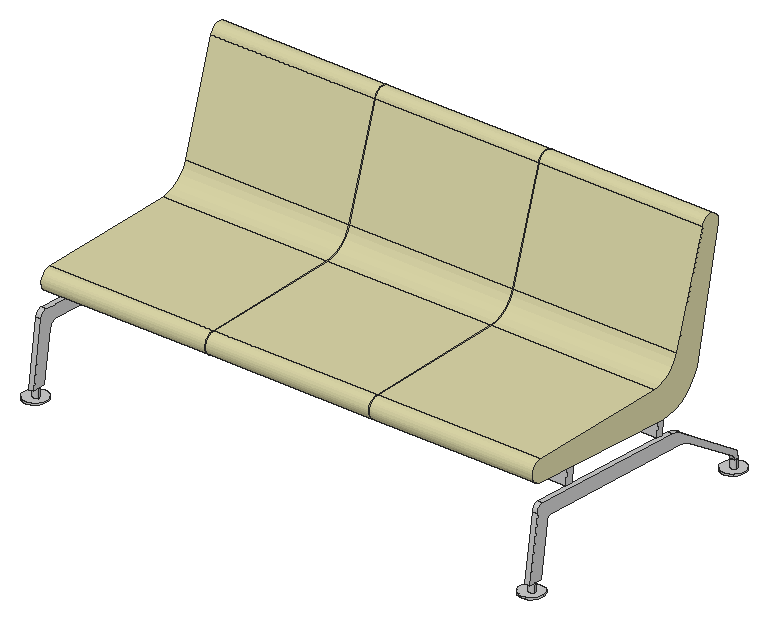
Revit family
Parameters (values of type "1800x700x800 mm")
  Assembly Code = ""
  Manufacturer = ""
  Model = ""
  지지 재료 = 직물 - 녹색(48)
  다리 재료 = 검은색 플라스틱
  손잡이 재료 = 직물 - 녹색(48)
  쿠션 재료 = 직물 - 녹색(48)
Reference planes
  plane 1: z = 0
  plane 2: x = -900
  plane 3: y = -350
  plane 4: z = 800
  plane 5: z = 530
  plane 6: x = -720
  plane 7: x = -310
  plane 8: y = -270
  plane 9: x = -210
  plane 10: x = 2180
Forms (mm)
  Extrusion 1, solid, material "Sofa- Material -1"
    sketch origin (1598.462, 0, 0) x (0, 1, 0) y (0, 0, 1)
      loop
        arc (383.692, 776.224) -> (357.977, 817.378) -> (316.823, 791.662) r 34.314
        line (316.823, 791.662) -> (207.357, 454.762)
        arc (207.357, 454.762) -> (171.415, 404.49) -> (113.093, 384.055) r 102.396
        line (113.093, 384.055) -> (-371.907, 384.055)
        arc (-371.907, 384.055) -> (-409.264, 351.582) -> (-376.79, 314.226) r 35
        line (-376.79, 314.226) -> (146.014, 277.668)
        arc (146.014, 277.668) -> (234.931, 302.431) -> (291.201, 375.597) r 145.92
        line (291.201, 375.597) -> (383.692, 776.224)
    from 21.538 to 581.538
  Extrusion 2, solid, material "Metal"
    sketch origin (1597.616, 0, 0) x (0, 1, 0) y (0, 0, 1)
      loop
        line (-442.018, 31.981) -> (-396.389, 31.981) -> (-370.874, 193.077)
        arc (-370.874, 193.077) -> (-361.94, 208.551) -> (-344.946, 214.073) r 24.931
        line (-344.946, 214.073) -> (199.085, 181.591)
        arc (199.085, 181.591) -> (217.338, 179.165) -> (234.359, 172.14) r 71.223
        line (234.359, 172.14) -> (426.342, 50.539)
        arc (426.342, 50.539) -> (428.803, 48.568) -> (430.774, 46.107) r 14.31
        line (430.774, 46.107) -> (435.332, 33.583) -> (445.332, 33.583) -> (442.34, 54.873)
        arc (442.34, 54.873) -> (440.933, 58.444) -> (438.058, 60.988) r 8.222
        line (438.058, 60.988) -> (204.326, 217.188)
        arc (204.326, 217.188) -> (188.267, 225.033) -> (170.7, 228.321) r 66.542
        line (170.7, 228.321) -> (-386.41, 261.583)
        arc (-386.41, 261.583) -> (-402.577, 254.887) -> (-409.274, 238.72) r 22.863
        line (-409.274, 238.72) -> (-442.018, 31.981)
    from 5.521 to 22.384
  Extrusion 3, solid, material "Metal"
    sketch origin (1598.462, 0, 0) x (0, 1, 0) y (0, 0, 1)
      loop
        line (-263.762, 306.322) -> (-267.888, 254.794) -> (-239.746, 252.827) -> (-236.666, 304.427) -> (-263.762, 306.322)
    from 4.674 to 1701.538
  Extrusion 4, solid, material "Metal"
    sketch origin (1598.462, 388.742, -29.109) x (0, 1, 0) y (0, 0, 1)
      loop
        line (-263.762, 306.322) -> (-267.46, 260.141) -> (-243.956, 258.498) -> (-241.195, 304.744) -> (-263.762, 306.322)
    from 4.674 to 1701.538
  Extrusion 5, solid, material "Metal"
    sketch origin (-5.278, 0, 0) x (1, 0, 0) y (0, 1, 0)
      loop
        circle (1615.315, -421.651) r 40
    from 0 to 5.114
  Extrusion 6, solid, material "Metal"
    sketch origin (-5.681, 0.625, 0) x (1, 0, 0) y (0, 1, 0)
      loop
        circle (1617.031, -422.208) r 10
    from 0 to 31.981
  Extrusion 7, solid, material "Metal"
    sketch origin (-5.278, 862.311, 0) x (1, 0, 0) y (0, 1, 0)
      loop
        circle (1615.315, -421.651) r 40
    from 0 to 5.114
  Extrusion 8, solid, material "Metal"
    sketch origin (-5.681, 862.936, 0) x (1, 0, 0) y (0, 1, 0)
      loop
        circle (1617.031, -422.208) r 10
    from 0 to 31.981
  Extrusion 9, solid, material "Metal", not visible
    sketch origin (1597.616, 0, 0) x (0, 1, 0) y (0, 0, 1)
      loop
        line (-442.018, 31.981) -> (-396.389, 31.981) -> (-370.874, 193.077)
        arc (-370.874, 193.077) -> (-361.94, 208.551) -> (-344.946, 214.073) r 24.931
        line (-344.946, 214.073) -> (199.085, 181.591)
        arc (199.085, 181.591) -> (217.338, 179.165) -> (234.359, 172.14) r 71.223
        line (234.359, 172.14) -> (426.342, 50.539)
        arc (426.342, 50.539) -> (428.803, 48.568) -> (430.774, 46.107) r 14.31
        line (430.774, 46.107) -> (435.332, 33.583) -> (445.332, 33.583) -> (442.34, 54.873)
        arc (442.34, 54.873) -> (440.933, 58.444) -> (438.058, 60.988) r 8.222
        line (438.058, 60.988) -> (204.326, 217.188)
        arc (204.326, 217.188) -> (188.267, 225.033) -> (170.7, 228.321) r 66.542
        line (170.7, 228.321) -> (-386.41, 261.583)
        arc (-386.41, 261.583) -> (-402.577, 254.887) -> (-409.274, 238.72) r 22.863
        line (-409.274, 238.72) -> (-442.018, 31.981)
    from 5.521 to 22.384
  Extrusion 10, solid, material "Metal", not visible
    sketch origin (-5.278, 0, 0) x (1, 0, 0) y (0, 1, 0)
      loop
        circle (1615.315, -421.651) r 40
    from 0 to 5.114
  Extrusion 11, solid, material "Metal", not visible
    sketch origin (-5.681, 0.625, 0) x (1, 0, 0) y (0, 1, 0)
      loop
        circle (1617.031, -422.208) r 10
    from 0 to 31.981
  Extrusion 12, solid, material "Metal", not visible
    sketch origin (-5.278, 862.311, 0) x (1, 0, 0) y (0, 1, 0)
      loop
        circle (1615.315, -421.651) r 40
    from 0 to 5.114
  Extrusion 13, solid, material "Metal", not visible
    sketch origin (-5.681, 862.936, 0) x (1, 0, 0) y (0, 1, 0)
      loop
        circle (1617.031, -422.208) r 10
    from 0 to 31.981
  Extrusion 14, solid, material "Metal"
    sketch origin (3294.479, 0, 0) x (0, 1, 0) y (0, 0, 1)
      loop
        line (-442.018, 31.981) -> (-396.389, 31.981) -> (-370.874, 193.077)
        arc (-370.874, 193.077) -> (-361.94, 208.551) -> (-344.946, 214.073) r 24.931
        line (-344.946, 214.073) -> (199.085, 181.591)
        arc (199.085, 181.591) -> (217.338, 179.165) -> (234.359, 172.14) r 71.223
        line (234.359, 172.14) -> (426.342, 50.539)
        arc (426.342, 50.539) -> (428.803, 48.568) -> (430.774, 46.107) r 14.31
        line (430.774, 46.107) -> (435.332, 33.583) -> (445.332, 33.583) -> (442.34, 54.873)
        arc (442.34, 54.873) -> (440.933, 58.444) -> (438.058, 60.988) r 8.222
        line (438.058, 60.988) -> (204.326, 217.188)
        arc (204.326, 217.188) -> (188.267, 225.033) -> (170.7, 228.321) r 66.542
        line (170.7, 228.321) -> (-386.41, 261.583)
        arc (-386.41, 261.583) -> (-402.577, 254.887) -> (-409.274, 238.72) r 22.863
        line (-409.274, 238.72) -> (-442.018, 31.981)
    from 5.521 to 22.384
  Extrusion 15, solid, material "Metal"
    sketch origin (1691.586, 0, 0) x (1, 0, 0) y (0, 1, 0)
      loop
        circle (1615.315, -421.651) r 40
    from 0 to 5.114
  Extrusion 16, solid, material "Metal"
    sketch origin (1691.182, 0.625, 0) x (1, 0, 0) y (0, 1, 0)
      loop
        circle (1617.031, -422.208) r 10
    from 0 to 31.981
  Extrusion 17, solid, material "Metal"
    sketch origin (1691.586, 862.311, 0) x (1, 0, 0) y (0, 1, 0)
      loop
        circle (1615.315, -421.651) r 40
    from 0 to 5.114
  Extrusion 18, solid, material "Metal"
    sketch origin (1691.182, 862.936, 0) x (1, 0, 0) y (0, 1, 0)
      loop
        circle (1617.031, -422.208) r 10
    from 0 to 31.981
  Extrusion 19, solid, material "Sofa- Material -1"
    sketch origin (2158.462, 0, 0) x (0, 1, 0) y (0, 0, 1)
      loop
        arc (383.692, 776.224) -> (357.977, 817.378) -> (316.823, 791.662) r 34.314
        line (316.823, 791.662) -> (207.357, 454.762)
        arc (207.357, 454.762) -> (171.415, 404.49) -> (113.093, 384.055) r 102.396
        line (113.093, 384.055) -> (-371.907, 384.055)
        arc (-371.907, 384.055) -> (-409.264, 351.582) -> (-376.79, 314.226) r 35
        line (-376.79, 314.226) -> (146.014, 277.668)
        arc (146.014, 277.668) -> (234.931, 302.431) -> (291.201, 375.597) r 145.92
        line (291.201, 375.597) -> (383.692, 776.224)
    from 21.538 to 581.538
  Extrusion 20, solid, material "Sofa- Material -1"
    sketch origin (2718.462, 0, 0) x (0, 1, 0) y (0, 0, 1)
      loop
        arc (383.692, 776.224) -> (357.977, 817.378) -> (316.823, 791.662) r 34.314
        line (316.823, 791.662) -> (207.357, 454.762)
        arc (207.357, 454.762) -> (171.415, 404.49) -> (113.093, 384.055) r 102.396
        line (113.093, 384.055) -> (-371.907, 384.055)
        arc (-371.907, 384.055) -> (-409.264, 351.582) -> (-376.79, 314.226) r 35
        line (-376.79, 314.226) -> (146.014, 277.668)
        arc (146.014, 277.668) -> (234.931, 302.431) -> (291.201, 375.597) r 145.92
        line (291.201, 375.597) -> (383.692, 776.224)
    from 21.538 to 581.538
Dimensions and locks
  plane 4 to level = 800 mm
  equal spacing: group 4, group 5, group 6  (x3)
